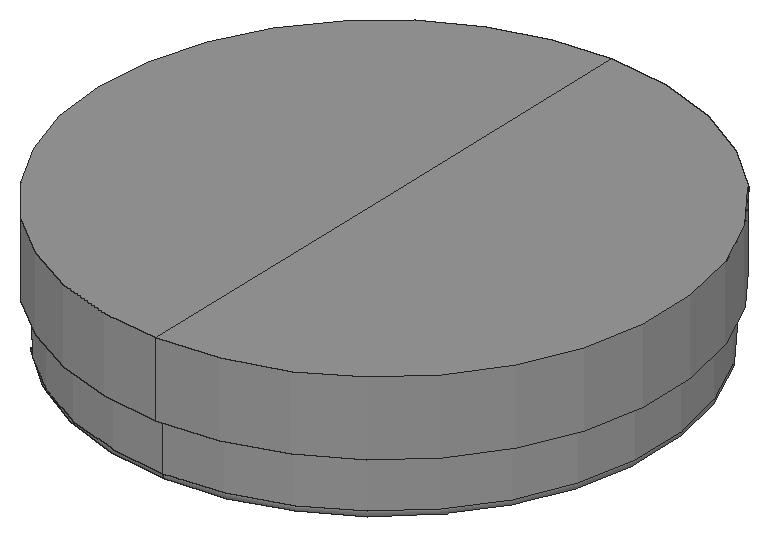
Revit family "IVLB_PML_LF_Dura 270mm CM_Plastic", category Lighting Fixtures, Revit 2019 (continued)
Types (4, lengths in mm): name | Wattage | Type Comments | built-in parameter 1150134 | Photometric Web File | built-in parameter 1150142 | built-in parameter 1150105 | Lumens | built-in parameter 1150107 | built-in parameter 1150106
  Dura-S Ø270 IP64 IK10 4-9W 450-1100lm 3000K-3500K-4000K 3-CCT | 7.40531 W | 0 | 12 | "Dura-S Ø270 IP64 IK10 4-9W 450-1100lm 3000K-3500K-4000K 3-CCT_LDT.ies" | "IESNA91\r\n[MANUFAC]  Pragmalux\r\n[LUMINAIRE] LED Plafonnière Wandarmatuur Dura-S Wit Ø270 IP64 IK10 4-9W 450-1100lm 3000K-3500K-4000K 3-CCT\r\n[LAMP] 1x(LED 9W 1050lm 3000K) or 1x(LED 9W 1100lm 3500K) or 1x(LED 9W 1100lm 4000K) or 1x(LED 7W 800lm 3000K) or 1x(LED 7W 850lm 3500K) or 1x(LED 7W 850lm 4000K) or 1x(LED 6W 650lm 3000K) or 1x(LED 6W 700lm 3500K) or 1x(LED 6W 700lm 4000K) or 1x(LED 4W 450lm 3000K) or 1x(LED 4W 500lm 3500K) or 1x(LED 4W 500lm 4000K)\r\n[_CHANGED] file converted from LDT by IES Viewer 3.6 (C) Andrey Legotin\r\nTILT=NONE\r\n1 1050 1.05 181 5 1 2 0 -0.27 0\r\n1 1 9\r\n0 1 2 3 4 5 6 7 8 9 10 11 12 13 14 15 16 17 18 19 20 21 22 23 24 25 26 27 28 \r\n29 30 31 32 33 34 35 36 37 38 39 40 41 42 43 44 45 46 47 48 49 50 51 52 53 54 \r\n55 56 57 58 59 60 61 62 63 64 65 66 67 68 69 70 71 72 73 74 75 76 77 78 79 80 \r\n81 82 83 84 85 86 87 88 89 90 91 92 93 94 95 96 97 98 99 100 101 102 103 104 \r\n105 106 107 108 109 110 111 112 113 114 115 116 117 118 119 120 121 122 123 \r\n124 125 126 127 128 129 130 131 132 133 134 135 136 137 138 139 140 141 142 \r\n143 144 145 146 147 148 149 150 151 152 153 154 155 156 157 158 159 160 161 \r\n162 163 164 165 166 167 168 169 170 171 172 173 174 175 176 177 178 179 180 \r\n0 22.5 45 67.5 90 \r\n295.3 295.4 295.3 295.4 295 294.6 294.2 293.8 293.1 292.5 291.9 290.9 290.1 \r\n289.3 288.2 287 285.8 284.4 283.1 281.6 279.9 278.4 276.5 274.8 272.9 270.8 \r\n268.7 266.6 264.4 261.9 259.5 257.1 254.4 251.8 249 246.2 243.4 240.3 237.3 \r\n234 230.9 227.5 224.2 220.7 217 213.5 209.8 206 202.3 198.3 194.4 190.3 186.3 \r\n182.2 178 173.9 169.7 165.2 160.9 156.3 151.7 147.1 142.5 137.8 133.1 128.3 \r\n123.5 118.6 113.7 108.9 104 99.09 94.31 89.38 84.54 79.78 74.96 70.21 65.64 \r\n60.99 56.65 52.24 47.94 43.84 39.72 35.8 32.33 29.23 26.57 24.14 20.8 17.18 \r\n13.52 9.69 6.07 3.08 1.19 0.46 0.42 0.5 1.38 2.92 5.29 7.96 10.6 13.13 15.25 \r\n16.85 17.87 18.13 18.09 18.13 18.01 17.84 17.63 17.39 17.18 16.97 16.8 16.59 \r\n16.43 16.18 15.96 15.76 15.47 15.26 15.01 14.76 14.47 14.18 13.96 13.72 13.47 \r\n13.18 12.92 12.6 12.3 11.97 11.76 11.47 11.17 10.84 10.51 10.18 9.8 9.51 9.14 \r\n8.8 8.46 8.1 7.59 6.92 6.13 5.47 5.09 4.84 4.71 4.71 4.75 4.71 4.27 3.85 3.42 \r\n3.09 2.84 2.63 2.38 2.09 1.8 1.51 1.3 1.29 1.25 1.25 1.29 1.17 1.09 1.04 1.04 \r\n1.04 1.04 \r\n295.3 295.4 295.3 295.2 295 294.7 294.2 293.7 293.2 292.4 291.8 291 290 289.2 \r\n288 287.1 285.7 284.5 283.1 281.5 280.1 278.4 276.6 274.8 272.9 271 268.9 \r\n266.7 264.4 262.1 259.7 257.2 254.6 251.8 249.1 246.2 243.3 240.4 237.3 234 \r\n230.9 227.6 224.2 220.8 217.2 213.6 210 206.2 202.5 198.5 194.6 190.4 186.3 \r\n182.3 178.1 173.9 169.8 165.5 160.9 156.5 152 147.3 142.7 138 133.3 128.4 \r\n123.6 118.8 114 109.1 104.1 99.29 94.45 89.59 84.83 79.91 75.24 70.49 65.87 \r\n61.37 56.89 52.6 48.27 44.1 39.95 35.98 32.51 29.4 26.59 24.2 21.15 17.65 \r\n13.91 9.8 5.92 2.9 1.05 1.11 1.16 1.22 1.27 1.32 3 5.08 7.32 9.66 11.71 13.19 \r\n13.85 14.01 14.06 14.06 14.06 14.07 14.07 14.07 14.08 14.08 14.08 14.09 14.09 \r\n14.09 14.1 14.1 13.93 13.81 13.68 13.47 13.31 13.09 12.89 12.72 12.55 12.34 \r\n12.1 11.89 11.63 11.35 11.13 10.84 10.59 10.34 10.09 9.8 9.54 9.25 9 8.66 \r\n8.34 7.84 7.16 6.42 5.82 5.49 5.23 5.06 5.1 5.06 5.06 4.7 4.35 4.07 3.81 3.52 \r\n3.27 3.1 2.89 2.68 2.35 2.02 1.88 1.88 1.63 1.22 1.01 1 1 1 1 1 1 \r\n295.3 295.4 295.4 295.2 294.9 294.7 294.3 293.7 293.1 292.5 291.7 291 290 \r\n289.2 288.2 287 285.8 284.6 283.2 281.6 280 278.6 276.7 274.9 272.9 271 269 \r\n266.7 264.5 262.1 259.7 257.3 254.7 251.9 249.3 246.4 243.4 240.5 237.2 234.4 \r\n230.9 227.7 224.4 220.9 217.2 213.8 210 206.2 202.5 198.5 194.7 190.5 186.5 \r\n182.5 178.3 174.2 170 165.6 161.2 156.6 152.1 147.4 142.9 138.1 133.3 128.7 \r\n123.7 119.1 114.1 109.2 104.2 99.53 94.64 89.68 84.85 80 75.35 70.57 65.93 \r\n61.38 56.9 52.6 48.21 44.08 39.87 35.82 32.26 29 26.12 23.53 21.1 17.5 12.56 \r\n7.11 2.92 0.97 0.75 1.99 3.1 3.87 4.59 5.12 5.47 5.89 6.09 6.18 6.18 6.22 \r\n6.35 6.56 6.76 7.06 7.3 7.56 7.73 7.97 8.06 8.19 8.35 8.52 8.59 8.65 8.72 \r\n8.79 8.85 8.94 8.98 8.96 8.93 8.91 8.88 8.86 8.83 8.81 8.78 8.76 8.73 8.61 \r\n8.48 8.36 8.27 8.07 7.9 7.65 7.19 6.69 6.24 6.06 5.89 5.81 5.75 5.69 5.62 \r\n5.56 5.5 5.44 5.1 4.8 4.52 4.18 3.93 3.72 3.51 3.31 3.1 2.93 2.72 2.55 2.46 \r\n2.26 2.01 1.84 1.76 1.46 1.09 0.96 0.96 0.96 0.96 0.96 0.96 \r\n295.3 295.2 295.3 295.3 295 294.6 294.2 293.8 293.1 292.5 291.7 291 290.2 \r\n289.3 288.2 287.1 286 284.5 283.2 281.7 280.1 278.4 276.9 274.8 273 271 269 \r\n266.7 264.5 262.1 259.6 257.2 254.4 252 249.1 246.5 243.4 240.4 237.2 234 \r\n230.9 227.5 224.2 220.8 217.1 213.6 209.8 206.2 202.4 198.5 194.5 190.4 186.4 \r\n182.4 178.1 174 169.7 165.4 160.8 156.5 151.8 147.2 142.6 137.8 133.1 128.2 \r\n123.5 118.7 113.8 108.9 104 99.22 94.3 89.47 84.57 79.7 75 70.21 65.64 60.97 \r\n56.57 52.14 47.89 43.7 39.52 35.49 31.7 28.35 25.42 22.82 20.35 15.44 6.69 \r\n0.88 0.55 2.56 7.37 9.33 9.48 8.91 8.12 7.38 6.75 6.24 5.78 5.41 5.08 4.75 \r\n4.45 4.16 3.95 3.71 3.54 3.45 3.45 3.48 3.52 3.55 3.58 3.62 3.83 3.95 4.07 \r\n4.28 4.45 4.61 4.7 4.78 4.8 4.81 4.83 4.85 4.86 4.88 4.89 4.91 4.93 4.94 5.24 \r\n5.32 5.26 5.19 5.12 5.06 4.99 4.92 4.86 4.79 4.2 3.75 3.66 3.54 3.37 3.36 \r\n3.35 3.34 3.32 3.31 3.3 3.29 3.16 3 2.95 2.83 2.75 2.66 2.5 2.29 2.04 1.88 \r\n1.71 1.5 1.25 1.05 0.96 0.96 0.96 0.96 0.96 0.96 0.96 \r\n295.3 295.3 295.3 295.3 295 294.7 294.3 293.8 293.2 292.4 291.9 291.2 290.2 \r\n289.3 288.1 287.1 285.9 284.5 283.3 281.8 280.2 278.5 276.7 275 273.1 270.9 \r\n269.1 266.7 264.4 262.2 259.7 257.2 254.6 252 249.2 246.4 243.5 240.4 237.3 \r\n234.3 230.9 227.6 224.2 220.7 217.3 213.6 209.8 206.2 202.4 198.4 194.6 190.5 \r\n186.4 182.3 178.2 174.1 169.7 165.3 160.9 156.4 151.8 147.1 142.6 137.9 133 \r\n128.3 123.5 118.6 113.7 108.8 103.8 99.12 94.1 89.24 84.33 79.46 74.78 69.96 \r\n65.23 60.72 56.28 51.92 47.53 43.29 39.16 35.11 31.37 28 25.06 22.51 20.37 \r\n15.14 5.53 0.55 0.46 2.14 9.15 12.35 11.89 11.06 10.21 9.36 8.52 7.75 7.04 \r\n6.4 5.75 5.16 4.55 3.96 3.41 2.91 2.46 2.04 1.59 1.33 1.29 1.21 1.04 0.96 \r\n0.92 0.87 0.83 0.79 0.75 0.79 1.2 1.57 1.79 1.95 1.99 2 2.04 2.08 2.33 2.53 \r\n2.49 2.45 2.41 2.37 2.33 1.88 1.3 1.16 1.16 1.45 1.9 2.48 2.74 2.72 2.7 2.68 \r\n2.66 2.64 2.62 2.54 2.41 2.33 2.21 2.04 1.87 1.79 1.67 1.58 1.5 1.33 1.29 \r\n1.17 1.12 1.12 1.04 1.08 1.04 1 1 0.96 0.96 0.96 0.96 0.96 0.96 \r\n" | 309.47 (stored number, unit not read) | 1100 lm | 4000 (stored number, unit not read) | 3.0947 (stored number, unit not read)
  Dura-S Ø270 IP64 IK10 9W 2200K-2700K 2-CCT DALI | 5.55399 W | "DALI" | (empty or 0) | "Dura-S Ø270 IP64 IK10 9W 2200K-2700K 2-CCT DALI_LDT.ies" | "IESNA91\r\n[MANUFAC]  Pragmalux\r\n[LUMINAIRE] LED Plafonnière Wandarmatuur Dura-S Wit Ø270 IP64 IK10 9W 2200K-2700K 2-CCT DALI\r\n[LAMP] 1x(LED 9W 825lm 2200K) or 1x(LED 9W 1000lm 2700K)\r\n[_CHANGED] file converted from LDT by IES Viewer 3.6 (C) Andrey Legotin\r\nTILT=NONE\r\n1 825 0.825 181 5 1 2 0 -0.27 0\r\n1 1 9\r\n0 1 2 3 4 5 6 7 8 9 10 11 12 13 14 15 16 17 18 19 20 21 22 23 24 25 26 27 28 \r\n29 30 31 32 33 34 35 36 37 38 39 40 41 42 43 44 45 46 47 48 49 50 51 52 53 54 \r\n55 56 57 58 59 60 61 62 63 64 65 66 67 68 69 70 71 72 73 74 75 76 77 78 79 80 \r\n81 82 83 84 85 86 87 88 89 90 91 92 93 94 95 96 97 98 99 100 101 102 103 104 \r\n105 106 107 108 109 110 111 112 113 114 115 116 117 118 119 120 121 122 123 \r\n124 125 126 127 128 129 130 131 132 133 134 135 136 137 138 139 140 141 142 \r\n143 144 145 146 147 148 149 150 151 152 153 154 155 156 157 158 159 160 161 \r\n162 163 164 165 166 167 168 169 170 171 172 173 174 175 176 177 178 179 180 \r\n0 22.5 45 67.5 90 \r\n295.3 295.4 295.3 295.4 295 294.6 294.2 293.8 293.1 292.5 291.9 290.9 290.1 \r\n289.3 288.2 287 285.8 284.4 283.1 281.6 279.9 278.4 276.5 274.8 272.9 270.8 \r\n268.7 266.6 264.4 261.9 259.5 257.1 254.4 251.8 249 246.2 243.4 240.3 237.3 \r\n234 230.9 227.5 224.2 220.7 217 213.5 209.8 206 202.3 198.3 194.4 190.3 186.3 \r\n182.2 178 173.9 169.7 165.2 160.9 156.3 151.7 147.1 142.5 137.8 133.1 128.3 \r\n123.5 118.6 113.7 108.9 104 99.09 94.31 89.38 84.54 79.78 74.96 70.21 65.64 \r\n60.99 56.65 52.24 47.94 43.84 39.72 35.8 32.33 29.23 26.57 24.14 20.8 17.18 \r\n13.52 9.69 6.07 3.08 1.19 0.46 0.42 0.5 1.38 2.92 5.29 7.96 10.6 13.13 15.25 \r\n16.85 17.87 18.13 18.09 18.13 18.01 17.84 17.63 17.39 17.18 16.97 16.8 16.59 \r\n16.43 16.18 15.96 15.76 15.47 15.26 15.01 14.76 14.47 14.18 13.96 13.72 13.47 \r\n13.18 12.92 12.6 12.3 11.97 11.76 11.47 11.17 10.84 10.51 10.18 9.8 9.51 9.14 \r\n8.8 8.46 8.1 7.59 6.92 6.13 5.47 5.09 4.84 4.71 4.71 4.75 4.71 4.27 3.85 3.42 \r\n3.09 2.84 2.63 2.38 2.09 1.8 1.51 1.3 1.29 1.25 1.25 1.29 1.17 1.09 1.04 1.04 \r\n1.04 1.04 \r\n295.3 295.4 295.3 295.2 295 294.7 294.2 293.7 293.2 292.4 291.8 291 290 289.2 \r\n288 287.1 285.7 284.5 283.1 281.5 280.1 278.4 276.6 274.8 272.9 271 268.9 \r\n266.7 264.4 262.1 259.7 257.2 254.6 251.8 249.1 246.2 243.3 240.4 237.3 234 \r\n230.9 227.6 224.2 220.8 217.2 213.6 210 206.2 202.5 198.5 194.6 190.4 186.3 \r\n182.3 178.1 173.9 169.8 165.5 160.9 156.5 152 147.3 142.7 138 133.3 128.4 \r\n123.6 118.8 114 109.1 104.1 99.29 94.45 89.59 84.83 79.91 75.24 70.49 65.87 \r\n61.37 56.89 52.6 48.27 44.1 39.95 35.98 32.51 29.4 26.59 24.2 21.15 17.65 \r\n13.91 9.8 5.92 2.9 1.05 1.11 1.16 1.22 1.27 1.32 3 5.08 7.32 9.66 11.71 13.19 \r\n13.85 14.01 14.06 14.06 14.06 14.07 14.07 14.07 14.08 14.08 14.08 14.09 14.09 \r\n14.09 14.1 14.1 13.93 13.81 13.68 13.47 13.31 13.09 12.89 12.72 12.55 12.34 \r\n12.1 11.89 11.63 11.35 11.13 10.84 10.59 10.34 10.09 9.8 9.54 9.25 9 8.66 \r\n8.34 7.84 7.16 6.42 5.82 5.49 5.23 5.06 5.1 5.06 5.06 4.7 4.35 4.07 3.81 3.52 \r\n3.27 3.1 2.89 2.68 2.35 2.02 1.88 1.88 1.63 1.22 1.01 1 1 1 1 1 1 \r\n295.3 295.4 295.4 295.2 294.9 294.7 294.3 293.7 293.1 292.5 291.7 291 290 \r\n289.2 288.2 287 285.8 284.6 283.2 281.6 280 278.6 276.7 274.9 272.9 271 269 \r\n266.7 264.5 262.1 259.7 257.3 254.7 251.9 249.3 246.4 243.4 240.5 237.2 234.4 \r\n230.9 227.7 224.4 220.9 217.2 213.8 210 206.2 202.5 198.5 194.7 190.5 186.5 \r\n182.5 178.3 174.2 170 165.6 161.2 156.6 152.1 147.4 142.9 138.1 133.3 128.7 \r\n123.7 119.1 114.1 109.2 104.2 99.53 94.64 89.68 84.85 80 75.35 70.57 65.93 \r\n61.38 56.9 52.6 48.21 44.08 39.87 35.82 32.26 29 26.12 23.53 21.1 17.5 12.56 \r\n7.11 2.92 0.97 0.75 1.99 3.1 3.87 4.59 5.12 5.47 5.89 6.09 6.18 6.18 6.22 \r\n6.35 6.56 6.76 7.06 7.3 7.56 7.73 7.97 8.06 8.19 8.35 8.52 8.59 8.65 8.72 \r\n8.79 8.85 8.94 8.98 8.96 8.93 8.91 8.88 8.86 8.83 8.81 8.78 8.76 8.73 8.61 \r\n8.48 8.36 8.27 8.07 7.9 7.65 7.19 6.69 6.24 6.06 5.89 5.81 5.75 5.69 5.62 \r\n5.56 5.5 5.44 5.1 4.8 4.52 4.18 3.93 3.72 3.51 3.31 3.1 2.93 2.72 2.55 2.46 \r\n2.26 2.01 1.84 1.76 1.46 1.09 0.96 0.96 0.96 0.96 0.96 0.96 \r\n295.3 295.2 295.3 295.3 295 294.6 294.2 293.8 293.1 292.5 291.7 291 290.2 \r\n289.3 288.2 287.1 286 284.5 283.2 281.7 280.1 278.4 276.9 274.8 273 271 269 \r\n266.7 264.5 262.1 259.6 257.2 254.4 252 249.1 246.5 243.4 240.4 237.2 234 \r\n230.9 227.5 224.2 220.8 217.1 213.6 209.8 206.2 202.4 198.5 194.5 190.4 186.4 \r\n182.4 178.1 174 169.7 165.4 160.8 156.5 151.8 147.2 142.6 137.8 133.1 128.2 \r\n123.5 118.7 113.8 108.9 104 99.22 94.3 89.47 84.57 79.7 75 70.21 65.64 60.97 \r\n56.57 52.14 47.89 43.7 39.52 35.49 31.7 28.35 25.42 22.82 20.35 15.44 6.69 \r\n0.88 0.55 2.56 7.37 9.33 9.48 8.91 8.12 7.38 6.75 6.24 5.78 5.41 5.08 4.75 \r\n4.45 4.16 3.95 3.71 3.54 3.45 3.45 3.48 3.52 3.55 3.58 3.62 3.83 3.95 4.07 \r\n4.28 4.45 4.61 4.7 4.78 4.8 4.81 4.83 4.85 4.86 4.88 4.89 4.91 4.93 4.94 5.24 \r\n5.32 5.26 5.19 5.12 5.06 4.99 4.92 4.86 4.79 4.2 3.75 3.66 3.54 3.37 3.36 \r\n3.35 3.34 3.32 3.31 3.3 3.29 3.16 3 2.95 2.83 2.75 2.66 2.5 2.29 2.04 1.88 \r\n1.71 1.5 1.25 1.05 0.96 0.96 0.96 0.96 0.96 0.96 0.96 \r\n295.3 295.3 295.3 295.3 295 294.7 294.3 293.8 293.2 292.4 291.9 291.2 290.2 \r\n289.3 288.1 287.1 285.9 284.5 283.3 281.8 280.2 278.5 276.7 275 273.1 270.9 \r\n269.1 266.7 264.4 262.2 259.7 257.2 254.6 252 249.2 246.4 243.5 240.4 237.3 \r\n234.3 230.9 227.6 224.2 220.7 217.3 213.6 209.8 206.2 202.4 198.4 194.6 190.5 \r\n186.4 182.3 178.2 174.1 169.7 165.3 160.9 156.4 151.8 147.1 142.6 137.9 133 \r\n128.3 123.5 118.6 113.7 108.8 103.8 99.12 94.1 89.24 84.33 79.46 74.78 69.96 \r\n65.23 60.72 56.28 51.92 47.53 43.29 39.16 35.11 31.37 28 25.06 22.51 20.37 \r\n15.14 5.53 0.55 0.46 2.14 9.15 12.35 11.89 11.06 10.21 9.36 8.52 7.75 7.04 \r\n6.4 5.75 5.16 4.55 3.96 3.41 2.91 2.46 2.04 1.59 1.33 1.29 1.21 1.04 0.96 \r\n0.92 0.87 0.83 0.79 0.75 0.79 1.2 1.57 1.79 1.95 1.99 2 2.04 2.08 2.33 2.53 \r\n2.49 2.45 2.41 2.37 2.33 1.88 1.3 1.16 1.16 1.45 1.9 2.48 2.74 2.72 2.7 2.68 \r\n2.66 2.64 2.62 2.54 2.41 2.33 2.21 2.04 1.87 1.79 1.67 1.58 1.5 1.33 1.29 \r\n1.17 1.12 1.12 1.04 1.08 1.04 1 1 0.96 0.96 0.96 0.96 0.96 0.96 \r\n" | 232.1 (stored number, unit not read) | 825 lm | 2700 (stored number, unit not read) | 2.321 (stored number, unit not read)
  Dura-S Ø270 IP64 IK10 9W 3000K-3500K-4000K 3-CCT DALI | 7.06871 W | "DALI" | 12 | "Dura-S Ø270 IP64 IK10 9W 3000K-3500K-4000K 3-CCT DALI_LDT.ies" | "IESNA91\r\n[MANUFAC]  Pragmalux\r\n[LUMINAIRE] LED Plafonnière Wandarmatuur Dura-S Wit Ø270 IP64 IK10 9W 3000K-3500K-4000K 3-CCT DALI\r\n[LAMP] 1x(LED 9W 1050lm 3000K) or 1x(LED 9W 1100lm 3500K) or 1x(LED 9W 1100lm 4000K)\r\n[_CHANGED] file converted from LDT by IES Viewer 3.6 (C) Andrey Legotin\r\nTILT=NONE\r\n1 1050 1.05 181 5 1 2 0 -0.27 0\r\n1 1 9\r\n0 1 2 3 4 5 6 7 8 9 10 11 12 13 14 15 16 17 18 19 20 21 22 23 24 25 26 27 28 \r\n29 30 31 32 33 34 35 36 37 38 39 40 41 42 43 44 45 46 47 48 49 50 51 52 53 54 \r\n55 56 57 58 59 60 61 62 63 64 65 66 67 68 69 70 71 72 73 74 75 76 77 78 79 80 \r\n81 82 83 84 85 86 87 88 89 90 91 92 93 94 95 96 97 98 99 100 101 102 103 104 \r\n105 106 107 108 109 110 111 112 113 114 115 116 117 118 119 120 121 122 123 \r\n124 125 126 127 128 129 130 131 132 133 134 135 136 137 138 139 140 141 142 \r\n143 144 145 146 147 148 149 150 151 152 153 154 155 156 157 158 159 160 161 \r\n162 163 164 165 166 167 168 169 170 171 172 173 174 175 176 177 178 179 180 \r\n0 22.5 45 67.5 90 \r\n295.3 295.4 295.3 295.4 295 294.6 294.2 293.8 293.1 292.5 291.9 290.9 290.1 \r\n289.3 288.2 287 285.8 284.4 283.1 281.6 279.9 278.4 276.5 274.8 272.9 270.8 \r\n268.7 266.6 264.4 261.9 259.5 257.1 254.4 251.8 249 246.2 243.4 240.3 237.3 \r\n234 230.9 227.5 224.2 220.7 217 213.5 209.8 206 202.3 198.3 194.4 190.3 186.3 \r\n182.2 178 173.9 169.7 165.2 160.9 156.3 151.7 147.1 142.5 137.8 133.1 128.3 \r\n123.5 118.6 113.7 108.9 104 99.09 94.31 89.38 84.54 79.78 74.96 70.21 65.64 \r\n60.99 56.65 52.24 47.94 43.84 39.72 35.8 32.33 29.23 26.57 24.14 20.8 17.18 \r\n13.52 9.69 6.07 3.08 1.19 0.46 0.42 0.5 1.38 2.92 5.29 7.96 10.6 13.13 15.25 \r\n16.85 17.87 18.13 18.09 18.13 18.01 17.84 17.63 17.39 17.18 16.97 16.8 16.59 \r\n16.43 16.18 15.96 15.76 15.47 15.26 15.01 14.76 14.47 14.18 13.96 13.72 13.47 \r\n13.18 12.92 12.6 12.3 11.97 11.76 11.47 11.17 10.84 10.51 10.18 9.8 9.51 9.14 \r\n8.8 8.46 8.1 7.59 6.92 6.13 5.47 5.09 4.84 4.71 4.71 4.75 4.71 4.27 3.85 3.42 \r\n3.09 2.84 2.63 2.38 2.09 1.8 1.51 1.3 1.29 1.25 1.25 1.29 1.17 1.09 1.04 1.04 \r\n1.04 1.04 \r\n295.3 295.4 295.3 295.2 295 294.7 294.2 293.7 293.2 292.4 291.8 291 290 289.2 \r\n288 287.1 285.7 284.5 283.1 281.5 280.1 278.4 276.6 274.8 272.9 271 268.9 \r\n266.7 264.4 262.1 259.7 257.2 254.6 251.8 249.1 246.2 243.3 240.4 237.3 234 \r\n230.9 227.6 224.2 220.8 217.2 213.6 210 206.2 202.5 198.5 194.6 190.4 186.3 \r\n182.3 178.1 173.9 169.8 165.5 160.9 156.5 152 147.3 142.7 138 133.3 128.4 \r\n123.6 118.8 114 109.1 104.1 99.29 94.45 89.59 84.83 79.91 75.24 70.49 65.87 \r\n61.37 56.89 52.6 48.27 44.1 39.95 35.98 32.51 29.4 26.59 24.2 21.15 17.65 \r\n13.91 9.8 5.92 2.9 1.05 1.11 1.16 1.22 1.27 1.32 3 5.08 7.32 9.66 11.71 13.19 \r\n13.85 14.01 14.06 14.06 14.06 14.07 14.07 14.07 14.08 14.08 14.08 14.09 14.09 \r\n14.09 14.1 14.1 13.93 13.81 13.68 13.47 13.31 13.09 12.89 12.72 12.55 12.34 \r\n12.1 11.89 11.63 11.35 11.13 10.84 10.59 10.34 10.09 9.8 9.54 9.25 9 8.66 \r\n8.34 7.84 7.16 6.42 5.82 5.49 5.23 5.06 5.1 5.06 5.06 4.7 4.35 4.07 3.81 3.52 \r\n3.27 3.1 2.89 2.68 2.35 2.02 1.88 1.88 1.63 1.22 1.01 1 1 1 1 1 1 \r\n295.3 295.4 295.4 295.2 294.9 294.7 294.3 293.7 293.1 292.5 291.7 291 290 \r\n289.2 288.2 287 285.8 284.6 283.2 281.6 280 278.6 276.7 274.9 272.9 271 269 \r\n266.7 264.5 262.1 259.7 257.3 254.7 251.9 249.3 246.4 243.4 240.5 237.2 234.4 \r\n230.9 227.7 224.4 220.9 217.2 213.8 210 206.2 202.5 198.5 194.7 190.5 186.5 \r\n182.5 178.3 174.2 170 165.6 161.2 156.6 152.1 147.4 142.9 138.1 133.3 128.7 \r\n123.7 119.1 114.1 109.2 104.2 99.53 94.64 89.68 84.85 80 75.35 70.57 65.93 \r\n61.38 56.9 52.6 48.21 44.08 39.87 35.82 32.26 29 26.12 23.53 21.1 17.5 12.56 \r\n7.11 2.92 0.97 0.75 1.99 3.1 3.87 4.59 5.12 5.47 5.89 6.09 6.18 6.18 6.22 \r\n6.35 6.56 6.76 7.06 7.3 7.56 7.73 7.97 8.06 8.19 8.35 8.52 8.59 8.65 8.72 \r\n8.79 8.85 8.94 8.98 8.96 8.93 8.91 8.88 8.86 8.83 8.81 8.78 8.76 8.73 8.61 \r\n8.48 8.36 8.27 8.07 7.9 7.65 7.19 6.69 6.24 6.06 5.89 5.81 5.75 5.69 5.62 \r\n5.56 5.5 5.44 5.1 4.8 4.52 4.18 3.93 3.72 3.51 3.31 3.1 2.93 2.72 2.55 2.46 \r\n2.26 2.01 1.84 1.76 1.46 1.09 0.96 0.96 0.96 0.96 0.96 0.96 \r\n295.3 295.2 295.3 295.3 295 294.6 294.2 293.8 293.1 292.5 291.7 291 290.2 \r\n289.3 288.2 287.1 286 284.5 283.2 281.7 280.1 278.4 276.9 274.8 273 271 269 \r\n266.7 264.5 262.1 259.6 257.2 254.4 252 249.1 246.5 243.4 240.4 237.2 234 \r\n230.9 227.5 224.2 220.8 217.1 213.6 209.8 206.2 202.4 198.5 194.5 190.4 186.4 \r\n182.4 178.1 174 169.7 165.4 160.8 156.5 151.8 147.2 142.6 137.8 133.1 128.2 \r\n123.5 118.7 113.8 108.9 104 99.22 94.3 89.47 84.57 79.7 75 70.21 65.64 60.97 \r\n56.57 52.14 47.89 43.7 39.52 35.49 31.7 28.35 25.42 22.82 20.35 15.44 6.69 \r\n0.88 0.55 2.56 7.37 9.33 9.48 8.91 8.12 7.38 6.75 6.24 5.78 5.41 5.08 4.75 \r\n4.45 4.16 3.95 3.71 3.54 3.45 3.45 3.48 3.52 3.55 3.58 3.62 3.83 3.95 4.07 \r\n4.28 4.45 4.61 4.7 4.78 4.8 4.81 4.83 4.85 4.86 4.88 4.89 4.91 4.93 4.94 5.24 \r\n5.32 5.26 5.19 5.12 5.06 4.99 4.92 4.86 4.79 4.2 3.75 3.66 3.54 3.37 3.36 \r\n3.35 3.34 3.32 3.31 3.3 3.29 3.16 3 2.95 2.83 2.75 2.66 2.5 2.29 2.04 1.88 \r\n1.71 1.5 1.25 1.05 0.96 0.96 0.96 0.96 0.96 0.96 0.96 \r\n295.3 295.3 295.3 295.3 295 294.7 294.3 293.8 293.2 292.4 291.9 291.2 290.2 \r\n289.3 288.1 287.1 285.9 284.5 283.3 281.8 280.2 278.5 276.7 275 273.1 270.9 \r\n269.1 266.7 264.4 262.2 259.7 257.2 254.6 252 249.2 246.4 243.5 240.4 237.3 \r\n234.3 230.9 227.6 224.2 220.7 217.3 213.6 209.8 206.2 202.4 198.4 194.6 190.5 \r\n186.4 182.3 178.2 174.1 169.7 165.3 160.9 156.4 151.8 147.1 142.6 137.9 133 \r\n128.3 123.5 118.6 113.7 108.8 103.8 99.12 94.1 89.24 84.33 79.46 74.78 69.96 \r\n65.23 60.72 56.28 51.92 47.53 43.29 39.16 35.11 31.37 28 25.06 22.51 20.37 \r\n15.14 5.53 0.55 0.46 2.14 9.15 12.35 11.89 11.06 10.21 9.36 8.52 7.75 7.04 \r\n6.4 5.75 5.16 4.55 3.96 3.41 2.91 2.46 2.04 1.59 1.33 1.29 1.21 1.04 0.96 \r\n0.92 0.87 0.83 0.79 0.75 0.79 1.2 1.57 1.79 1.95 1.99 2 2.04 2.08 2.33 2.53 \r\n2.49 2.45 2.41 2.37 2.33 1.88 1.3 1.16 1.16 1.45 1.9 2.48 2.74 2.72 2.7 2.68 \r\n2.66 2.64 2.62 2.54 2.41 2.33 2.21 2.04 1.87 1.79 1.67 1.58 1.5 1.33 1.29 \r\n1.17 1.12 1.12 1.04 1.08 1.04 1 1 0.96 0.96 0.96 0.96 0.96 0.96 \r\n" | 295.4 (stored number, unit not read) | 1050 lm | 4000 (stored number, unit not read) | 2.954 (stored number, unit not read)
